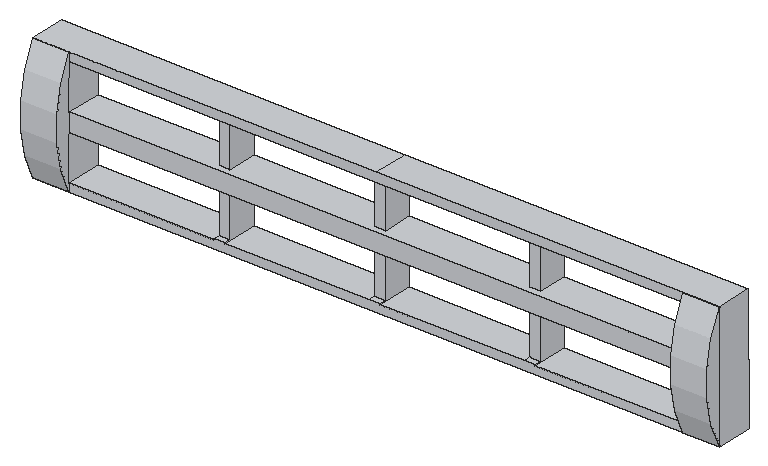
Revit family
Parameters (values of type "Type 1")
  Material ID = "760155747"
  Description = "360 Evolve 2U U/UTP Panel Kit\r\n360 1100 GS3 48 Port Patch Panel"
Reference planes (in)
  plane 1 "Center (Front/Back)": y = 0
  plane 2: z = 0
  plane 3 "Center (Left/Right)": x = 0
Forms (in)
  Extrusion 1, solid
    sketch origin (0, 0, 0) x (1, 0, 0) y (0, 0, 1)
      loop
        line (0, 1.735) -> (-9.5, 1.735) -> (-9.5, -1.735) -> (9.5, -1.735) -> (9.5, 1.735) -> (0, 1.735)
    from 0 to 1
  Extrusion 2, solid
    sketch origin (0, 0, 0) x (0, 1, 0) y (0, 0, 1)
      loop
        arc (-1, 1.735) -> (-1.46083, 0) -> (-1, -1.735) r 3.49647
        line (-1, -1.735) -> (-1, 1.735)
    from -9.5 to -8.5
  Extrusion 3, solid
    sketch origin (0, 0, 0) x (0, 1, 0) y (0, 0, -1)
      loop
        line (-1, -1.735) -> (-1, 1.735)
        arc (-1, 1.735) -> (-1.46083, 0) -> (-1, -1.735) r 3.49647
    from -9.5 to -8.5
  Extrusion 4, void
    sketch origin (0, 0, 0) x (1, 0, 0) y (0, 0, 1)
      loop
        line (0, 1.5) -> (-8.5, 1.5) -> (-8.5, 0.24) -> (8.5, 0.24) -> (8.5, 1.5) -> (0, 1.5)
      loop
        line (8.5, -1.5) -> (8.5, -0.24) -> (-8.5, -0.24) -> (-8.5, -1.5) -> (8.5, -1.5)
    from 0.80035 to 1
  Extrusion 5, void, not visible
    sketch origin (0, 0, 0) x (1, 0, 0) y (0, 0, 1)
      loop
        line (-8.45, 1.2) -> (-8.45, 0.809) -> (-8.37, 0.809) -> (-8.37, 0.655) -> (-8.03, 0.655) -> (-8.03, 0.809) -> (-7.95, 0.809) -> (-7.95, 1.2) -> (-8.45, 1.2)
    from 0.60159 to 1.10159
  Extrusion 6, void, not visible
    sketch origin (0.5989, 0, 0) x (1, 0, 0) y (0, 0, 1)
      loop
        line (-8.45, 1.2) -> (-8.45, 0.809) -> (-8.37, 0.809) -> (-8.37, 0.655) -> (-8.03, 0.655) -> (-8.03, 0.809) -> (-7.95, 0.809) -> (-7.95, 1.2) -> (-8.45, 1.2)
    from 0.60159 to 1.10159
  Extrusion 7, void, not visible
    sketch origin (1.2106, 0, 0) x (1, 0, 0) y (0, 0, 1)
      loop
        line (-8.45, 1.2) -> (-8.45, 0.809) -> (-8.37, 0.809) -> (-8.37, 0.655) -> (-8.03, 0.655) -> (-8.03, 0.809) -> (-7.95, 0.809) -> (-7.95, 1.2) -> (-8.45, 1.2)
    from 0.60159 to 1.10159
  Extrusion 8, void, not visible
    sketch origin (1.81104, 0, 0) x (1, 0, 0) y (0, 0, 1)
      loop
        line (-8.45, 1.2) -> (-8.45, 0.809) -> (-8.37, 0.809) -> (-8.37, 0.655) -> (-8.03, 0.655) -> (-8.03, 0.809) -> (-7.95, 0.809) -> (-7.95, 1.2) -> (-8.45, 1.2)
    from 0.60159 to 1.10159
  Extrusion 9, void, not visible
    sketch origin (2.41302, 0, 0) x (1, 0, 0) y (0, 0, 1)
      loop
        line (-8.45, 1.2) -> (-8.45, 0.809) -> (-8.37, 0.809) -> (-8.37, 0.655) -> (-8.03, 0.655) -> (-8.03, 0.809) -> (-7.95, 0.809) -> (-7.95, 1.2) -> (-8.45, 1.2)
    from 0.60159 to 1.10159
  Extrusion 10, void, not visible
    sketch origin (3.01652, 0, 0) x (1, 0, 0) y (0, 0, 1)
      loop
        line (-8.45, 1.2) -> (-8.45, 0.809) -> (-8.37, 0.809) -> (-8.37, 0.655) -> (-8.03, 0.655) -> (-8.03, 0.809) -> (-7.95, 0.809) -> (-7.95, 1.2) -> (-8.45, 1.2)
    from 0.60159 to 1.10159
  Extrusion 11, void, not visible
    sketch origin (0, 0, 0) x (1, 0, 0) y (0, 0, 1)
      loop
        line (-8.306, 1.07722) -> (-8.306, 0.68622) -> (-8.226, 0.68622) -> (-8.226, 0.53222) -> (-7.886, 0.53222) -> (-7.886, 0.68622) -> (-7.806, 0.68622) -> (-7.806, 1.07722) -> (-8.306, 1.07722)
    from 0.462 to 1.10159
  Extrusion 12, void, not visible
    sketch origin (0, 0, 0) x (1, 0, 0) y (0, 0, 1)
      loop
        line (-8.306, 1.07722) -> (-8.306, 0.68622) -> (-8.226, 0.68622) -> (-8.226, 0.53222) -> (-7.886, 0.53222) -> (-7.886, 0.68622) -> (-7.806, 0.68622) -> (-7.806, 1.07722) -> (-8.306, 1.07722)
    from 0.462 to 1.10159
  Extrusion 13, void, not visible
    sketch origin (0.6, 0, 0) x (1, 0, 0) y (0, 0, 1)
      loop
        line (-8.306, 1.07722) -> (-8.306, 0.68622) -> (-8.226, 0.68622) -> (-8.226, 0.53222) -> (-7.886, 0.53222) -> (-7.886, 0.68622) -> (-7.806, 0.68622) -> (-7.806, 1.07722) -> (-8.306, 1.07722)
    from 0.462 to 1.10159
  Extrusion 14, void, not visible
    sketch origin (1.2, 0, 0) x (1, 0, 0) y (0, 0, 1)
      loop
        line (-8.306, 1.07722) -> (-8.306, 0.68622) -> (-8.226, 0.68622) -> (-8.226, 0.53222) -> (-7.886, 0.53222) -> (-7.886, 0.68622) -> (-7.806, 0.68622) -> (-7.806, 1.07722) -> (-8.306, 1.07722)
    from 0.462 to 1.10159
  Extrusion 15, void, not visible
    sketch origin (1.8, 0, 0) x (1, 0, 0) y (0, 0, 1)
      loop
        line (-8.306, 1.07722) -> (-8.306, 0.68622) -> (-8.226, 0.68622) -> (-8.226, 0.53222) -> (-7.886, 0.53222) -> (-7.886, 0.68622) -> (-7.806, 0.68622) -> (-7.806, 1.07722) -> (-8.306, 1.07722)
    from 0.462 to 1.10159
  Extrusion 16, void, not visible
    sketch origin (2.4, 0, 0) x (1, 0, 0) y (0, 0, 1)
      loop
        line (-8.306, 1.07722) -> (-8.306, 0.68622) -> (-8.226, 0.68622) -> (-8.226, 0.53222) -> (-7.886, 0.53222) -> (-7.886, 0.68622) -> (-7.806, 0.68622) -> (-7.806, 1.07722) -> (-8.306, 1.07722)
    from 0.462 to 1.10159
  Extrusion 17, void, not visible
    sketch origin (3, 0, 0) x (1, 0, 0) y (0, 0, 1)
      loop
        line (-8.306, 1.07722) -> (-8.306, 0.68622) -> (-8.226, 0.68622) -> (-8.226, 0.53222) -> (-7.886, 0.53222) -> (-7.886, 0.68622) -> (-7.806, 0.68622) -> (-7.806, 1.07722) -> (-8.306, 1.07722)
    from 0.462 to 1.10159
  Extrusion 18, void
    sketch origin (0, 0, 0) x (1, 0, 0) y (0, 0, 1)
      loop
        line (9.16752, 1.36323) -> (8.79742, 1.36323)
        arc (8.79742, 1.36323) -> (8.64742, 1.21323) -> (8.79742, 1.06323) r 0.15
        line (8.79742, 1.06323) -> (9.16752, 1.06323)
        arc (9.16752, 1.06323) -> (9.31752, 1.21323) -> (9.16752, 1.36323) r 0.15
      loop
        arc (9.16752, -1.36323) -> (9.31752, -1.21323) -> (9.16752, -1.06323) r 0.15
        line (9.16752, -1.06323) -> (8.79742, -1.06323)
        arc (8.79742, -1.06323) -> (8.64742, -1.21323) -> (8.79742, -1.36323) r 0.15
        line (8.79742, -1.36323) -> (9.16752, -1.36323)
      loop
        arc (-9.16752, 1.36323) -> (-9.31752, 1.21323) -> (-9.16752, 1.06323) r 0.15
        line (-9.16752, 1.06323) -> (-8.79742, 1.06323)
        arc (-8.79742, 1.06323) -> (-8.64742, 1.21323) -> (-8.79742, 1.36323) r 0.15
        line (-8.79742, 1.36323) -> (-9.16752, 1.36323)
      loop
        line (-9.16752, -1.36323) -> (-8.79742, -1.36323)
        arc (-8.79742, -1.36323) -> (-8.64742, -1.21323) -> (-8.79742, -1.06323) r 0.15
        line (-8.79742, -1.06323) -> (-9.16752, -1.06323)
        arc (-9.16752, -1.06323) -> (-9.31752, -1.21323) -> (-9.16752, -1.36323) r 0.15
    from 0 to 1
  Extrusion 19, void
    sketch origin (0, 0, 0) x (1, 0, 0) y (0, 0, 1)
      loop
        line (-8.5, 1.5) -> (-8.5, 0.24) -> (-4.5, 0.24) -> (-4.5, 1.5) -> (-8.5, 1.5)
    from -5.2755 to 7.15512
  Extrusion 20, void
    sketch origin (4.3, 0, 0) x (1, 0, 0) y (0, 0, 1)
      loop
        line (-8.5, 1.5) -> (-8.5, 0.24) -> (-4.5, 0.24) -> (-4.5, 1.5) -> (-8.5, 1.5)
    from -5.2755 to 7.15512
  Extrusion 21, void
    sketch origin (8.6, 0, 0) x (1, 0, 0) y (0, 0, 1)
      loop
        line (-8.5, 1.5) -> (-8.5, 0.24) -> (-4.5, 0.24) -> (-4.5, 1.5) -> (-8.5, 1.5)
    from -5.2755 to 7.15512
  Extrusion 22, void
    sketch origin (12.9, 0, 0) x (1, 0, 0) y (0, 0, 1)
      loop
        line (-8.5, 1.5) -> (-8.5, 0.24) -> (-4.5, 0.24) -> (-4.5, 1.5) -> (-8.5, 1.5)
    from -5.2755 to 7.15512
  Extrusion 23, void, not visible
    sketch origin (0, 0, 0) x (1, 0, 0) y (0, 0, 1)
      loop
        line (-8.5, 1.5) -> (-8.5, 0.24) -> (-4.5, 0.24) -> (-4.5, 1.5) -> (-8.5, 1.5)
    from -5.2755 to 7.15512
  Extrusion 24, void
    sketch origin (0, 0, -1.75) x (1, 0, 0) y (0, 0, 1)
      loop
        line (-8.5, 1.5) -> (-8.5, 0.24) -> (-4.5, 0.24) -> (-4.5, 1.5) -> (-8.5, 1.5)
    from -5.2755 to 7.15512
  Extrusion 25, void
    sketch origin (4.3, 0, -1.75) x (1, 0, 0) y (0, 0, 1)
      loop
        line (-8.5, 1.5) -> (-8.5, 0.24) -> (-4.5, 0.24) -> (-4.5, 1.5) -> (-8.5, 1.5)
    from -5.2755 to 7.15512
  Extrusion 26, void
    sketch origin (8.6, 0, -1.75) x (1, 0, 0) y (0, 0, 1)
      loop
        line (-8.5, 1.5) -> (-8.5, 0.24) -> (-4.5, 0.24) -> (-4.5, 1.5) -> (-8.5, 1.5)
    from -5.2755 to 7.15512
  Extrusion 27, void
    sketch origin (12.9, 0, -1.75) x (1, 0, 0) y (0, 0, 1)
      loop
        line (-8.5, 1.5) -> (-8.5, 0.24) -> (-4.5, 0.24) -> (-4.5, 1.5) -> (-8.5, 1.5)
    from -5.2755 to 7.15512
Cuts and joins
  Extrusion 4, Extrusion 18, Extrusion 19, Extrusion 20, Extrusion 21, Extrusion 22, Extrusion 24, Extrusion 25, Extrusion 26, Extrusion 27 cuts Extrusion 1
  Extrusion 4, Extrusion 18, Extrusion 19, Extrusion 20, Extrusion 24 cuts Extrusion 2
  Extrusion 4, Extrusion 18 cuts Extrusion 3
Dimensions and locks (in)
  equal spacing: group 3, group 4, group 5, group 6, group 7, group 8  (x3)
  equal spacing: group 10, group 11, group 12, group 13  (x3)
  equal spacing: group 16, group 17, group 18, group 19  (x3)
  group 14 to group 20 = 0"  (x2)
  group 20 to group 14 = 1.75"
  aligned and locked: Extrusion 2 sketch curve to Extrusion 1
  aligned and locked: plane 3 "Center (Left/Right)" to Extrusion 4 sketch curve
